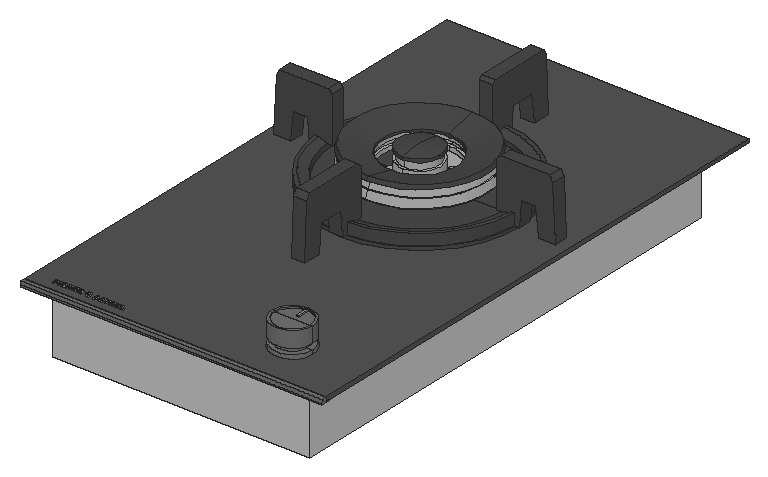
Revit family "FP_Revit_18_CG301DNGGB4_and_CG301DLPGB4_Cooktop_90000829A", category Specialty Equipment, Revit 2018
Family settings
  Round Connector Dimension = Use Diameter
  Part Type = Normal
  OmniClass Number = 23.40.40.14.17.11
  OmniClass Title = Cookers, Ovens, Stoves
  Work Plane-Based = No
  Always vertical = Yes
  Cut with Voids When Loaded = Yes
  Shared = No
  Room Calculation Point = No
Parameters (values of type "CG301DNGGB4")
  Visibility - Clearance Required = yes
  URL = "www.fisherpaykel.com"
  Product - Width = 300 mm  # constant formula
  Product - Height = 125 mm  # constant formula
  Product - Depth = 530 mm  # constant formula
  Model = "CG301DNGGB4"
  Material - Trim = Fisher & Paykel - Aluminium, Dark
  Material - Cooktop = Fisher & Paykel - Glass, Black
  Material - Burners & Trivets = Fisher & Paykel - Black, Matte
  Material - Body = Fisher & Paykel - Grey
  Manufacturer = "Fisher & Paykel Appliances"
  FFL Offset [instance] = 900 mm
  Description = "30cm Gas on Glass Cooktop"
  Connector Note - Gas = "NG 1 kPa (4\" WC), Connection is Rp 1/2\" (ISO7-1)"
  Connector Note - Electrical = "230 V, 10 A, fused electrical supply"
  Clearance - Side Combustible = 120 mm  # constant formula
  Clearance - Rear Non-Combustible = 45 mm  # constant formula
  Clearance - Rear Combustible = 160 mm  # constant formula
  Clearance - Overhead Rangehood = 650 mm  # constant formula
  Clearance - Overhead Non-Combustible = 500 mm  # constant formula
  Clearance - Overhead Combustible = 650 mm  # constant formula
  Clearance - Below Non-Combustible = 65 mm  # constant formula
  Clearance - Below Combustible = 70 mm  # constant formula
  Chassis - Width = 256 mm  # constant formula
  Chassis - Height = 59 mm  # constant formula
  Chassis - Depth = 486 mm  # constant formula
  Cavity - Width = 260 mm  # constant formula
  Cavity - Height = 59 mm  # constant formula
  Cavity - Depth = 490 mm  # constant formula
Types (3, lengths in mm): name | Model | FFL Offset | Connector Note - Gas
  (no name) | "CG301DNGGB4" | 900 | "NG 1 kPa (4\" WC), Connection is Rp 1/2\" (ISO7-1)"
  CG301DNGGB4 | "CG301DNGGB4" | 900 | "NG 1 kPa (4\" WC), Connection is Rp 1/2\" (ISO7-1)"
  CG301DLPGB4 | "CG301DLPGB4" | 1000 | "LPG 2.75 kPa (11\" WC), Connection is Rp 1/2\" (ISO7-1)"
Reference planes
  plane 1 "Datum": y = 0
  plane 2: z = 0
  plane 3 "Center (Left/Right)": x = 0
  plane 4 "Product LHS": x = -150
  plane 5 "Product RHS": x = 150
  plane 6 "Product - Depth": y = 530
  plane 7 "Cavity LHS": x = -130
  plane 8 "Cavity RHS": x = 130
  plane 9 "Cavity - Depth": y = 501.465
  plane 10 "Basepan": z = 841
  plane 11 "Glass": z = 905
  plane 12 "Benchtop": z = 900
Forms (mm)
  Extrusion 1, solid, material "Fisher & Paykel - Glass, Black" <- "Material - Cooktop"
    sketch origin (0, 0, 0) x (0, 1, 0) y (0, 0, 1)
      loop
        line (5.299, 905) -> (5.299, 901) -> (530, 901) -> (530, 905) -> (5.299, 905)
    from -150 to 150
  Extrusion 2, solid, material "Fisher & Paykel - Aluminium, Dark" <- "Material - Trim", detail levels fine
    sketch origin (0, 0, 900) x (0, 1, 0) y (0, 0, 1)
      loop
        line (5.299, 5) -> (0.45, 5) -> (0, 1.5) -> (0, 0) -> (8.39, 0) -> (8.39, 1) -> (5.299, 1) -> (5.299, 5)
    from -150 to 150
  Extrusion 3, solid, material "Fisher & Paykel - Grey" <- "Material - Body"
    sketch origin (0, 0, 0) x (1, 0, 0) y (0, 1, 0)
      loop
        line (141, 521) -> (-25.305, 521) -> (-25.305, 497.465) -> (-126.681, 410.993) -> (-141, 410.993) -> (-141, 11.465) -> (141, 11.465) -> (141, 521)
    from 900 to 901
  Extrusion 4, solid, material "Fisher & Paykel - Grey" <- "Material - Body"
    sketch origin (0, 0, 0) x (1, 0, 0) y (0, 1, 0)
      loop
        line (129.15, 497.465) -> (-25.305, 497.465) -> (-126.85, 410.849) -> (-126.85, 11.465) -> (129.15, 11.465) -> (129.15, 497.465)
    from 841 to 900
  Extrusion 5, solid, material "Fisher & Paykel - Clearance Required (Cutout)", visible <- "Visibility - Clearance Required", detail levels coarse
    sketch origin (0, 0, 0) x (1, 0, 0) y (0, 1, 0)
      loop
        line (-130, 11.465) -> (130, 11.465) -> (130, 501.465) -> (-130, 501.465) -> (-130, 11.465)
    from 841 to 900
  Extrusion 6, void
    sketch origin (0, 0, 0) x (0, 1, 0) y (0, 0, 1)
      loop
        line (497.465, 872.849) -> (404.424, 857.373) -> (407.148, 841) -> (497.465, 841) -> (497.465, 872.849)
    from 65 to 126.85
  Extrusion 7, solid, material "Fisher & Paykel - Grey" <- "Material - Body", detail levels fine
    sketch origin (0, 0, 1000) x (0, 1, 0) y (0, 0, 1)
      loop
        line (480, -130.056) -> (425.258, -139.162) -> (428.13, -156.432) -> (463.493, -156.432) -> (483.825, -153.05) -> (480, -130.056)
    from 75 to 115
  Extrusion 8, solid, material "Fisher & Paykel - Grey" <- "Material - Body", detail levels fine
    sketch origin (95, 0, 1000) x (1, 0, 0) y (0, 0, 1)
      loop
        circle (0, -141.49) r 4
    from -509.984 to -480
  Extrusion 9, solid, material "Fisher & Paykel - Aluminium, Dark" <- "Material - Trim", detail levels coarse+medium
    sketch origin (0, 0, 900) x (0, 1, 0) y (0, 0, 1)
      loop
        line (5.299, 5) -> (0, 5) -> (0, 0) -> (5.299, 0) -> (5.299, 5)
    from -150 to 150
  Extrusion 10, solid, material "Fisher & Paykel - Clearance Required (Combustible)", visible <- "Visibility - Clearance Required", detail levels coarse
    sketch origin (0, 0, 0) x (1, 0, 0) y (0, 1, 0)
      loop
        line (150, 0) -> (250, 0) -> (250, 661.465) -> (-250, 661.465) -> (-250, 0) -> (-150, 0) -> (-150, 546.465) -> (150, 546.465) -> (150, 0)
    from 905 to 1355
  Extrusion 11, solid, material "Fisher & Paykel - Clearance Required (Non-Combustible)", visible <- "Visibility - Clearance Required", detail levels coarse
    sketch origin (0, 0, 0) x (1, 0, 0) y (0, 1, 0)
      loop
        line (-150, 0) -> (150, 0) -> (150, 546.465) -> (-150, 546.465) -> (-150, 0)
    from 905 to 1405
  Extrusion 12, solid, material "Fisher & Paykel - Clearance Required (Rangehood)", visible <- "Visibility - Clearance Required", detail levels coarse
    sketch origin (0, 0, 0) x (1, 0, 0) y (0, 1, 0)
      loop
        line (-150, 546.465) -> (-150, 0) -> (150, 0) -> (150, 546.465) -> (-150, 546.465)
    from 1405 to 1555
  Extrusion 13, solid, material "Fisher & Paykel - Clearance Required (Combustible)", visible <- "Visibility - Clearance Required", detail levels coarse
    sketch origin (0, 0, 0) x (1, 0, 0) y (0, 1, 0)
      loop
        line (-130, 11.465) -> (130, 11.465) -> (130, 501.465) -> (-130, 501.465) -> (-130, 11.465)
    from 830 to 841
  Revolve 14, solid, material "Fisher & Paykel - Grey" <- "Material - Body"
    sketch origin (-105.39, 0, 1000) x (0, 1, 0) y (0, 0, -1)
      loop
        line (396.487, 123.673) -> (442.637, 123.673) -> (442.637, 122.673) -> (464.817, 122.673) -> (464.817, 125.4) -> (449.637, 125.4) -> (449.637, 131.4) -> (396.487, 131.4) -> (396.487, 123.673)
      axis (464.817, 131.4) -> (396.487, 131.4)
    angle from 0 to 360
  Extrusion 15, solid, material "Fisher & Paykel - Grey" <- "Material - Body", detail levels fine
    sketch origin (0, 0, 1000) x (-1, 0, 0) y (0, 0, -1)
      loop
        line (99.05, 120.401) -> (111.75, 120.401) -> (118.1, 131.4) -> (111.75, 142.399) -> (99.05, 142.399) -> (92.7, 131.4) -> (99.05, 120.401)
      loop
        circle (105.39, 131.4) r 7.727
    from -449.637 to -442.637
  Extrusion 16, void
    sketch origin (0, 0, 0) x (1, 0, 0) y (0, 1, 0)
      loop
        line (-130, 11.465) -> (130, 11.465) -> (130, 501.465) -> (-130, 501.465) -> (-130, 11.465)
    from 830 to 900
  Extrusion 17, solid, material "Fisher & Paykel - Aluminium, Dark" <- "Material - Trim", not visible, detail levels fine
    sketch origin (0, 0, 1000) x (0, 1, 0) y (0, 0, 1)
      loop
        line (5.299, 5) -> (0.45, 5) -> (0, 1.5) -> (0, 0) -> (8.39, 0) -> (8.39, 1) -> (5.299, 1) -> (5.299, 5)
    from -150 to 150
  Extrusion 18, solid, material "Fisher & Paykel - Aluminium, Dark" <- "Material - Trim", not visible, detail levels coarse+medium
    sketch origin (0, 0, 1000) x (0, 1, 0) y (0, 0, 1)
      loop
        line (5.299, 5) -> (0, 5) -> (0, 0) -> (5.299, 0) -> (5.299, 5)
    from -150 to 150
Cuts and joins
  joined: Extrusion 7, Extrusion 8
  Extrusion 6 cuts Extrusion 4
Text (mm)
  text "Due to ongoing product development, product details are subject to change without notice. \nPlease always refer to www.fisherpaykel.com for the most current product information. \n© Fisher & Paykel 2020" at (41.04, -260.397, 0), in view "Ref. Level (Plan)"
Dimensions and locks
  equal spacing: plane 4 "Product LHS", plane 3 "Center (Left/Right)", plane 5 "Product RHS"
  "Product - Width": plane 4 "Product LHS" to plane 5 "Product RHS"
  equal spacing: plane 7 "Cavity LHS", plane 3 "Center (Left/Right)", plane 8 "Cavity RHS"
  "Cavity - Width": plane 7 "Cavity LHS" to plane 8 "Cavity RHS"
  locked: plane 1 "Datum" to Extrusion 3 at 11.465
  "Chassis - Depth": Extrusion 3 to Extrusion 4
  "Cavity - Depth": Extrusion 3 to plane 9 "Cavity - Depth"
  "Chassis - Width": cut or joined group of Extrusion 4, Extrusion 6 to cut or joined group of Extrusion 4, Extrusion 6
  "Clearance - Rear Combustible": Extrusion 10 to Extrusion 5
  "Clearance - Side Combustible": Extrusion 10 to plane 7 "Cavity LHS"
  "Clearance - Side Combustible": plane 8 "Cavity RHS" to Extrusion 10
  "Chassis - Height": plane 12 "Benchtop" to plane 10 "Basepan"
  plane 11 "Glass" to plane 12 "Benchtop" = 5 mm
  "FFL Offset": plane 12 "Benchtop" to level
  "Cavity - Height": plane 12 "Benchtop" to Extrusion 5
  "Clearance - Below Combustible": plane 12 "Benchtop" to Extrusion 13
  plane 11 "Glass" to Extrusion 1 sketch curve = 4 mm
  locked: plane 11 "Glass" to Extrusion 1 at 4
  locked: nested 2 to plane 11 "Glass" at 0.8
  "Clearance - Overhead Non-Combustible": Extrusion 12 to plane 11 "Glass"
  "Clearance - Overhead Rangehood": Extrusion 12 to plane 11 "Glass"
  plane 12 "Benchtop" to Extrusion 13 = 59 mm
  locked: Extrusion 6 sketch curve to plane 10 "Basepan" at 31.849
  locked: Extrusion 6 sketch curve to plane 10 "Basepan" at 16.373
  locked: nested 4 to plane 11 "Glass" at 61.328
  "Clearance - Rear Non-Combustible": plane 9 "Cavity - Depth" to Extrusion 12
  locked: Extrusion 10 to plane 11 "Glass" at 450
  aligned and locked: level to plane 2
  aligned and locked: Extrusion 2 to plane 5 "Product RHS"
  aligned and locked: Extrusion 12 to Extrusion 11
  aligned and locked: Extrusion 10 to plane 11 "Glass"
  aligned and locked: plane 12 "Benchtop" to Extrusion 5
  aligned and locked: Extrusion 13 to Extrusion 5
  aligned and locked: Extrusion 4 to Extrusion 6
  aligned and locked: Extrusion 6 to plane 10 "Basepan"
  aligned and locked: Extrusion 6 to Extrusion 4
  aligned and locked: Extrusion 16 to Extrusion 13
  aligned and locked: Extrusion 16 to Extrusion 5
  aligned and locked: Extrusion 1 sketch curve to plane 11 "Glass"
  aligned and locked: Extrusion 1 to Extrusion 3
  aligned and locked: Extrusion 3 to Extrusion 5
  aligned and locked: Extrusion 2 to Extrusion 1
  aligned and locked: Extrusion 2 to Extrusion 3
  aligned and locked: Extrusion 1 to Extrusion 2
  aligned and locked: Extrusion 1 to Extrusion 9
  aligned and locked: Extrusion 9 to Extrusion 2
  aligned and locked: Extrusion 6 to cut or joined group of Extrusion 7, Extrusion 8
  aligned and locked: Extrusion 4 to Extrusion 3
  aligned and locked: Extrusion 11 to Extrusion 1
  aligned and locked: Extrusion 10 to Extrusion 11
Automatic sketch dimensions
  Extrusion 2 sketch curve to Extrusion 2 sketch curve = 4.85 mm
  Extrusion 2 sketch curve to Extrusion 2 sketch curve = 3.09 mm
  Extrusion 2 sketch curve to Extrusion 2 sketch curve = 3.5 mm
  Extrusion 3 sketch curve to plane 4 "Product LHS" = 9 mm
  Extrusion 3 sketch curve to plane 7 "Cavity LHS" = 3.319 mm
  plane 9 "Cavity - Depth" to Extrusion 3 sketch curve = 4 mm
  Extrusion 3 sketch curve to plane 3 "Center (Left/Right)" = 25.305 mm
  plane 5 "Product RHS" to Extrusion 3 sketch curve = 9 mm
  plane 9 "Cavity - Depth" to Extrusion 3 sketch curve = 90.472 mm
  Extrusion 3 sketch curve to plane 1 "Datum" = 11.465 mm
  Extrusion 3 sketch curve to plane 6 "Product - Depth" = 9 mm
  Extrusion 4 sketch curve to plane 7 "Cavity LHS" = 3.15 mm
  plane 9 "Cavity - Depth" to Extrusion 4 sketch curve = 4 mm
  Extrusion 4 sketch curve to plane 3 "Center (Left/Right)" = 25.305 mm
  plane 8 "Cavity RHS" to Extrusion 4 sketch curve = 0.85 mm
  plane 9 "Cavity - Depth" to Extrusion 4 sketch curve = 90.616 mm
  Extrusion 4 sketch curve to plane 1 "Datum" = 11.465 mm
  plane 9 "Cavity - Depth" to Extrusion 5 sketch curve = 0 mm
  plane 7 "Cavity LHS" to Extrusion 5 sketch curve = 0 mm
  Extrusion 5 sketch curve to plane 8 "Cavity RHS" = 0 mm
  Extrusion 5 sketch curve to plane 1 "Datum" = 11.465 mm
  Extrusion 6 sketch curve to Extrusion 6 sketch curve = 2.723 mm
  plane 9 "Cavity - Depth" to Extrusion 6 sketch curve = 4 mm
  Extrusion 6 sketch curve to Extrusion 6 sketch curve = 16.373 mm
  Extrusion 7 sketch curve to Extrusion 7 sketch curve = 2.873 mm
  Extrusion 7 sketch curve to Extrusion 7 sketch curve = 35.363 mm
  plane 1 "Datum" to Extrusion 10 sketch curve = 0 mm  (x2)
  Extrusion 10 sketch curve to plane 4 "Product LHS" = 0 mm
  Extrusion 10 sketch curve to plane 5 "Product RHS" = 0 mm
  plane 4 "Product LHS" to Extrusion 10 sketch curve = 100 mm
  Extrusion 10 sketch curve to plane 5 "Product RHS" = 100 mm
  plane 6 "Product - Depth" to Extrusion 10 sketch curve = 16.465 mm
  plane 6 "Product - Depth" to Extrusion 10 sketch curve = 131.465 mm
  Extrusion 11 sketch curve to plane 4 "Product LHS" = 0 mm
  Extrusion 11 sketch curve to plane 5 "Product RHS" = 0 mm
  plane 1 "Datum" to Extrusion 11 sketch curve = 0 mm
  plane 6 "Product - Depth" to Extrusion 11 sketch curve = 16.465 mm
  plane 1 "Datum" to Extrusion 12 sketch curve = 0 mm
  Extrusion 12 sketch curve to plane 4 "Product LHS" = 0 mm
  Extrusion 12 sketch curve to plane 5 "Product RHS" = 0 mm
  plane 6 "Product - Depth" to Extrusion 12 sketch curve = 16.465 mm
  plane 9 "Cavity - Depth" to Extrusion 13 sketch curve = 0 mm
  plane 7 "Cavity LHS" to Extrusion 13 sketch curve = 0 mm
  Extrusion 13 sketch curve to plane 8 "Cavity RHS" = 0 mm
  Extrusion 13 sketch curve to plane 1 "Datum" = 11.465 mm
  Revolve 14 sketch curve to Revolve 14 sketch curve = 46.15 mm
  Revolve 14 sketch curve to Revolve 14 sketch curve = 7 mm
  Revolve 14 sketch curve to Revolve 14 sketch curve = 15.18 mm
  Revolve 14 sketch curve to Revolve 14 sketch curve = 1.727 mm
  Revolve 14 sketch curve to Revolve 14 sketch curve = 6 mm
  Revolve 14 sketch curve to Revolve 14 sketch curve = 45 mm
  Revolve 14 sketch curve to Revolve 14 sketch curve = 0 mm  (x2)
  Extrusion 15 sketch curve to Extrusion 15 sketch curve = 6.35 mm  (x3)
  Extrusion 15 sketch curve to Extrusion 15 sketch curve = 12.69 mm
  Extrusion 15 sketch curve to Extrusion 15 sketch curve = 12.7 mm  (x2)
  Extrusion 15 sketch curve to Extrusion 15 sketch curve = 10.999 mm  (x3)
  Extrusion 15 sketch curve to Extrusion 15 sketch curve = 0 mm
  plane 9 "Cavity - Depth" to Extrusion 16 sketch curve = 0 mm
  plane 7 "Cavity LHS" to Extrusion 16 sketch curve = 0 mm
  Extrusion 16 sketch curve to plane 8 "Cavity RHS" = 0 mm
  Extrusion 16 sketch curve to plane 1 "Datum" = 11.465 mm
  Extrusion 7 sketch curve to Extrusion 7 sketch curve = 16.507 mm
  Extrusion 7 sketch curve to Extrusion 7 sketch curve = 20.331 mm
  Revolve 14 sketch curve to Revolve 14 sketch curve = 1 mm
  plane 10 "Basepan" to Extrusion 7 sketch curve = 19.838 mm
  plane 9 "Cavity - Depth" to Extrusion 7 sketch curve = 76.208 mm
  plane 8 "Cavity RHS" to Extrusion 8 sketch curve = 35 mm
  plane 10 "Basepan" to Extrusion 8 sketch curve = 17.51 mm
  Revolve 14 sketch curve to plane 12 "Benchtop" = 23.673 mm
  plane 9 "Cavity - Depth" to Revolve 14 sketch curve = 104.979 mm
  plane 7 "Cavity LHS" to Extrusion 15 sketch curve = 37.3 mm
  Extrusion 15 sketch curve to plane 10 "Basepan" = 16.601 mm
  Extrusion 1 sketch curve to plane 6 "Product - Depth" = 0 mm
  Extrusion 1 sketch curve to plane 1 "Datum" = 5.299 mm
  Extrusion 2 sketch curve to Extrusion 2 sketch curve = 0.45 mm
  Extrusion 2 sketch curve to Extrusion 2 sketch curve = 1 mm
  Extrusion 2 sketch curve to Extrusion 2 sketch curve = 1.5 mm
  Extrusion 9 sketch curve to Extrusion 9 sketch curve = 5.299 mm
  Extrusion 9 sketch curve to Extrusion 9 sketch curve = 5 mm
  Extrusion 17 sketch curve to Extrusion 17 sketch curve = 4.85 mm
  Extrusion 17 sketch curve to Extrusion 17 sketch curve = 3.09 mm
  Extrusion 17 sketch curve to Extrusion 17 sketch curve = 3.5 mm
  Extrusion 17 sketch curve to Extrusion 17 sketch curve = 0.45 mm
  Extrusion 17 sketch curve to Extrusion 17 sketch curve = 1 mm
  Extrusion 17 sketch curve to Extrusion 17 sketch curve = 1.5 mm
  Extrusion 18 sketch curve to Extrusion 18 sketch curve = 5.299 mm
  Extrusion 18 sketch curve to Extrusion 18 sketch curve = 5 mm
  radius of Extrusion 8 sketch curve = 4 mm
  radius of Extrusion 15 sketch curve = 7.727 mm
Nested families
  nested 1: "F&P Dial CG" at (79.192, 51.956, 905), type "F&P Dial CG"
  nested 2: "F&P Logo 70mm Horizontal" at (-94.501, 14.253, 905), type "F&P Logo 70mm Horizontal"
  nested 3: "F&P Burner Dual Wok" at (0, 309.387, 900), type "F&P Burner Dual Wok"
  nested 4: "F&P Trivet CG603-752-903-905" at (0, 309.387, 900.5) x (0, -1, 0) z (0, 0, 1), type "F&P Trivet CG603-752-903-905"
  nested 5: "F&P Dial CG" at (79.192, 51.956, 1005), type "F&P Dial CG", not visible
  nested 6: "F&P Logo 70mm Horizontal" at (-94.501, 14.253, 1005), type "F&P Logo 70mm Horizontal", not visible
  nested 7: "F&P Burner Dual Wok" at (0, 309.387, 1000), type "F&P Burner Dual Wok", not visible
  nested 8: "F&P Trivet CG603-752-903-905" at (0, 309.387, 1000.5) x (0, -1, 0) z (0, 0, 1), type "F&P Trivet CG603-752-903-905", not visible
Connectors
  electrical at (95, 509.984, 858.51), driven by "Connector Note - Electrical"
    settings: on cut or joined group of Extrusion 7, Extrusion 8, index 1, voltage 230 V, apparent load 0 VA, apparent load phase1 0 VA, apparent load phase2 0 VA, apparent load phase3 0 VA, power factor 1, load classification "Other", number of poles 1, system type 30, power factor state 1, is connector primary yes, connector utility no, sub classification motor no, connector description "230 V, 10 A, fused electrical supply"
  piping at (-105.39, 464.817, 868.6), diameter 19, driven by "Connector Note - Gas"
    settings: on Revolve 14, index 2, connector inside diameter 609.6 mm, connector length 0 mm, flow factor 0, pipe flow 0.0 L/s, pressure drop 0.0 Pa, fitting loss kfactor 0, connector angle 0.00°, fixture units 0, engagement length 0 mm, angle of deflection 0.00°, flow configuration 0, flow direction 1, fitting loss method 0, system type 22, joint type 0, gender type 0, connector reference index -1, connector utility 0, adjustable connector no, is connector primary yes, connector description "NG 1 kPa (4\" WC), Connection is Rp 1/2\" (ISO7-1)"
Definition of nested family "F&P Dial CG"
  Parameters (values of type "F&P Dial CG")
    URL = "www.fisherpaykel.com"
    Material - Trim = none
    Material - Buttons and Dials = none
    Material - Body = none
    Manufacturer = "Fisher & Paykel Appliances"
  Reference planes
    plane 1 "Center (Front/Back)": y = 0
    plane 2: z = 0
    plane 3 "Center (Left/Right)": x = 0
  Forms (mm)
    Revolve 1, solid, material <- "Material - Body", detail levels fine
      sketch origin (0, 0, 0) x (1, 0, 0) y (0, 0, 1)
        loop
          line (0, 0) -> (0, 24.05) -> (-17.75, 24.05) -> (-17.75, 24.95) -> (-20, 24.95) -> (-20, 9.5) -> (-14.513, 9.5) -> (-14.513, 3.5) -> (-20.008, 3.5) -> (-20.5, 0) -> (0, 0)
        axis (0, 24.95) -> (0, 0)
      angle from 0 to 360
    Extrusion 2, void
      sketch origin (0, 0, 0) x (1, 0, 0) y (0, 1, 0)
        loop
          line (-1.05, 17.22) -> (1.05, 17.22) -> (1.05, 20.22) -> (-1.05, 20.22) -> (-1.05, 17.22)
      from 24.05 to 24.95
    Extrusion 3, solid, material <- "Material - Trim", detail levels fine
      sketch origin (0, 0, 0) x (1, 0, 0) y (0, 1, 0)
        loop
          line (-1.05, 6.22) -> (1.05, 6.22) -> (1.05, 20.02) -> (-1.05, 20.02) -> (-1.05, 6.22)
      from 24.05 to 24.95
    Extrusion 4, solid, material <- "Material - Body", detail levels coarse+medium
      sketch origin (0, 0, 0) x (1, 0, 0) y (0, 1, 0)
        loop
          circle (0, 0) r 20.5
      from 9.5 to 24.95
    Extrusion 5, solid, material <- "Material - Body", detail levels coarse+medium
      sketch origin (0, 0, 0) x (1, 0, 0) y (0, 1, 0)
        loop
          circle (0, 0) r 14.513
      from 0 to 9.5
  Cuts and joins
    Extrusion 2 cuts Revolve 1
  Dimensions and locks
    aligned and locked: level to plane 2
Definition of nested family "F&P Logo 70mm Horizontal"
  Parameters (values of type "F&P Logo 70mm Horizontal")
    URL = "www.fisherpaykel.com"
    Material - Logo = none
    Manufacturer = "Fisher & Paykel Appliances"
  Reference planes
    plane 1 "Center (Front/Back)": y = 0
    plane 2: z = 0
    plane 3 "Center (Left/Right)": x = 0
  Forms (mm)
    Extrusion 1, solid, material <- "Material - Logo", detail levels fine
      sketch origin (0, 0, 0) x (1, 0, 0) y (0, 1, 0)
        loop
          line (-34.997, 0) -> (-33.895, 0) -> (-33.895, 1.496) -> (-32.174, 1.496) -> (-32.174, 2.431) -> (-33.895, 2.431) -> (-33.895, 3.298) -> (-32.023, 3.298) -> (-32.023, 4.228) -> (-34.997, 4.228) -> (-34.997, 0)
        loop
          line (-29.929, 4.228) -> (-29.929, 0) -> (-28.828, 0) -> (-28.828, 4.228) -> (-29.929, 4.228)
        loop
          line (-21.473, 4.228) -> (-21.473, 0) -> (-20.372, 0) -> (-20.372, 1.694) -> (-18.754, 1.694) -> (-18.754, 0) -> (-17.652, 0) -> (-17.652, 4.228) -> (-18.754, 4.228) -> (-18.754, 2.624) -> (-20.372, 2.624) -> (-20.372, 4.228) -> (-21.473, 4.228)
        loop
          line (-15.301, 4.228) -> (-15.301, 0) -> (-12.288, 0) -> (-12.288, 0.8) -> (-14.209, 0.8) -> (-14.209, 1.694) -> (-12.453, 1.694) -> (-12.453, 2.624) -> (-14.209, 2.624) -> (-14.209, 3.428) -> (-12.288, 3.428) -> (-12.288, 4.228) -> (-15.301, 4.228)
        loop
          line (32, 4.228) -> (32, 0) -> (35.003, 0) -> (35.003, 0.93) -> (33.102, 0.93) -> (33.102, 4.228) -> (32, 4.228)
        loop
          line (29.735, 4.228) -> (26.712, 4.228) -> (26.712, 0) -> (29.735, 0) -> (29.735, 0.8) -> (27.814, 0.8) -> (27.814, 1.694) -> (29.57, 1.694) -> (29.57, 2.624) -> (27.814, 2.624) -> (27.814, 3.428) -> (29.735, 3.428) -> (29.735, 4.228)
        loop
          line (23.449, 2.203) -> (25.012, 4.228) -> (23.724, 4.228) -> (22.374, 2.479) -> (22.374, 4.228) -> (21.273, 4.228) -> (21.273, 0) -> (22.374, 0) -> (22.374, 1.894) -> (23.765, 0) -> (25.067, 0) -> (23.449, 2.203)
        loop
          line (15.42, 4.228) -> (17.017, 1.694) -> (17.017, 0) -> (18.119, 0) -> (18.119, 1.639) -> (19.717, 4.228) -> (18.546, 4.228) -> (17.603, 2.595) -> (16.66, 4.228) -> (15.42, 4.228)
        loop
          line (12.969, 4.228) -> (11.922, 4.228) -> (10.2, 0) -> (11.282, 0) -> (11.585, 0.778) -> (13.278, 0.778) -> (13.581, 0) -> (14.69, 0) -> (12.969, 4.228)
        loop
          line (12.913, 1.708) -> (12.419, 2.922) -> (11.946, 1.708) -> (12.913, 1.708)
        loop
          line (5.656, 4.228) -> (5.656, 0) -> (6.757, 0) -> (6.757, 1.357) -> (7.557, 1.357)
          arc (7.557, 1.357) -> (8.993, 2.792) -> (7.557, 4.228) r 1.436
          line (7.557, 4.228) -> (5.656, 4.228)
        loop
          line (6.757, 2.238) -> (7.557, 2.238)
          arc (7.557, 2.238) -> (8.088, 2.768) -> (7.557, 3.298) r 0.53
          line (7.557, 3.298) -> (6.757, 3.298) -> (6.757, 2.238)
        loop
          line (-8.214, 4.228) -> (-10.023, 4.228) -> (-10.023, 0) -> (-9.058, 0) -> (-9.058, 0.8) -> (-8.258, 0.8) -> (-7.647, 0) -> (-6.373, 0) -> (-7.452, 1.381)
          arc (-7.452, 1.381) -> (-6.741, 3.097) -> (-8.214, 4.228) r 1.525
        loop
          line (-8.921, 3.298) -> (-8.921, 2.137) -> (-8.121, 2.137)
          arc (-8.121, 2.137) -> (-7.54, 2.718) -> (-8.121, 3.298) r 0.581
          line (-8.121, 3.298) -> (-8.921, 3.298)
        loop
          line (0.368, 3.298) -> (0.368, 4.307) -> (-2.553, 4.307) -> (-2.553, 3.499) -> (-2.048, 2.878)
          arc (-2.048, 2.878) -> (-2.424, 0.478) -> (0.002, 0.358) r 1.633
          line (0.002, 0.358) -> (0.495, -0.272) -> (1.765, -0.272) -> (0.636, 1.116) -> (1.613, 2.524) -> (0.481, 2.524) -> (0.025, 1.867) -> (-1.14, 3.298) -> (0.368, 3.298)
        loop
          arc (-1.454, 2.148) -> (-1.555, 1.167) -> (-0.574, 1.067) r 0.697
          line (-0.574, 1.067) -> (-1.454, 2.148)
        loop
          line (-24.593, 2.544) -> (-25.527, 2.737)
          arc (-25.527, 2.737) -> (-25.9, 3.11) -> (-25.527, 3.483) r 0.373
          arc (-25.527, 3.483) -> (-24.631, 3.353) -> (-23.808, 2.973) r 3.153
          line (-23.808, 2.973) -> (-23.808, 4.02)
          arc (-23.808, 4.02) -> (-24.851, 4.326) -> (-25.937, 4.276) r 3.308
          arc (-25.937, 4.276) -> (-26.941, 3.034) -> (-25.937, 1.792) r 1.27
          line (-25.937, 1.792) -> (-24.994, 1.597)
          arc (-24.994, 1.597) -> (-24.621, 1.224) -> (-24.994, 0.851) r 0.373
          arc (-24.994, 0.851) -> (-25.891, 0.981) -> (-26.714, 1.361) r 3.153
          line (-26.714, 1.361) -> (-26.714, 0.314)
          arc (-26.714, 0.314) -> (-25.671, 0.009) -> (-24.585, 0.058) r 3.308
          arc (-24.585, 0.058) -> (-23.58, 1.304) -> (-24.593, 2.544) r 1.27
      from 0 to 0.8
  Dimensions and locks
    Extrusion 1 sketch curve to Extrusion 1 sketch curve = 70 mm
    aligned and locked: level to plane 2
Definition of nested family "F&P Burner Dual Wok"
  Parameters (values of type "F&P Burner Dual Wok")
    URL = "www.fisherpaykel.com"
    Material - Burners & Trivets = none
    Material - Body = none
    Manufacturer = "Fisher & Paykel Appliances"
  Reference planes
    plane 1 "Center (Front/Back)": y = 0
    plane 2: z = 0
    plane 3 "Center (Left/Right)": x = 0
  Forms (mm)
    Revolve 1, solid, material <- "Material - Body", detail levels fine
      sketch origin (0, 0, 0) x (0, 1, 0) y (0, 0, 1)
        loop
          line (0, 39.67) -> (0, 19.121) -> (37.394, 19.121) -> (37.394, 23.2) -> (66.033, 23.2) -> (67.033, 24.2) -> (65.112, 32.2) -> (63.561, 32.2) -> (61.561, 40.01) -> (36.35, 34.652) -> (36.35, 31.668) -> (39.31, 31.668) -> (39.31, 26.7) -> (36.35, 26.7) -> (36.35, 22.2) -> (21.2, 22.2) -> (21.2, 31.668) -> (18.48, 31.668) -> (18.48, 39.67) -> (0, 39.67)
        axis (0, 40.01) -> (0, 19.121)
      angle from 0 to 360
    Revolve 2, solid, material <- "Material - Burners & Trivets", detail levels fine
      sketch origin (0, 0, 0) x (0, 1, 0) y (0, 0, 1)
        loop
          line (64.958, 44.616) -> (36.353, 36.951) -> (36.353, 34.652) -> (61.561, 40.01) -> (63.997, 40.01) -> (66.045, 40.559) -> (64.958, 44.616)
        loop
          line (0, 45.115) -> (0, 39.67) -> (21.2, 39.67) -> (21.2, 42.433)
          arc (21.2, 42.433) -> (10.684, 44.442) -> (0, 45.115) r 85.151
        axis (0, 45.115) -> (0, 34.652)
      angle from 0 to 360
    Extrusion 3, void
      sketch origin (0, 0, 0) x (1, 0, 0) y (0, 1, 0)
        loop
          arc (-31.085, 20.785) -> (-37.341, -1.988) -> (-28.703, -23.968) r 37.394
          line (-28.703, -23.968) -> (-19.571, -8.151)
          arc (-19.571, -8.151) -> (-20.975, 3.077) -> (-16.404, 13.429) r 21.2
          line (-16.404, 13.429) -> (-16.404, 15.447)
          arc (-16.404, 15.447) -> (-17.093, 17.364) -> (-18.844, 18.406) r 3.015
          line (-18.844, 18.406) -> (-31.085, 20.785)
        loop
          arc (-20.415, -31.33) -> (0, -37.394) -> (20.415, -31.33) r 37.394
          line (20.415, -31.33) -> (12.297, -17.269)
          arc (12.297, -17.269) -> (0, -21.2) -> (-12.297, -17.269) r 21.2
          line (-12.297, -17.269) -> (-20.415, -31.33)
        loop
          line (31.085, 20.785) -> (18.844, 18.406)
          arc (18.844, 18.406) -> (17.093, 17.364) -> (16.404, 15.447) r 3.015
          line (16.404, 15.447) -> (16.404, 13.429)
          arc (16.404, 13.429) -> (20.975, 3.077) -> (19.571, -8.151) r 21.2
          line (19.571, -8.151) -> (28.703, -23.968)
          arc (28.703, -23.968) -> (37.341, -1.988) -> (31.085, 20.785) r 37.394
      from 19.121 to 23.2
    Revolve 4, solid, material <- "Material - Burners & Trivets", detail levels coarse+medium
      sketch origin (0, 0, 0) x (0, 1, 0) y (0, 0, 1)
        loop
          line (-67.134, 45.199) -> (-67.134, 23.2) -> (-36.35, 23.2) -> (-36.35, 36.951) -> (-67.134, 45.199)
        loop
          line (-21.2, 42.433) -> (-21.2, 23.2) -> (0, 23.2) -> (0, 42.433) -> (-21.2, 42.433)
        axis (0, 45.199) -> (0, 23.2)
      angle from 0 to 360
  Cuts and joins
    Extrusion 3 cuts Revolve 2
    Extrusion 3 cuts Revolve 1
  Dimensions and locks
    aligned and locked: level to plane 2
Definition of nested family "F&P Trivet CG603-752-903-905"
  Parameters (values of type "F&P Trivet CG603-752-903-905")
    URL = "www.fisherpaykel.com"
    Material - Burners & Trivets = none
    Manufacturer = "Fisher & Paykel Appliances"
  Reference planes
    plane 1 "Center (Front/Back)": y = 0
    plane 2: z = 0
    plane 3 "Center (Left/Right)": x = 0
  Forms (mm)
    Revolve 1, solid, material <- "Material - Burners & Trivets", detail levels fine
      sketch origin (0, 0, 0) x (0, 1, 0) y (0, 0, 1)
        loop
          line (-85.317, 7.5) -> (-99, 7.5) -> (-99, 4.5) -> (0, 4.5) -> (0, 12.8) -> (-85.317, 12.8) -> (-85.317, 7.5)
        axis (0, 12.8) -> (0, 4.5)
      angle from 0 to 360
    Revolve 2, solid, material <- "Material - Burners & Trivets", detail levels fine
      sketch origin (0, 0, 0) x (0, 1, 0) y (0, 0, 1)
        loop
          line (-99.153, 8.7) -> (-86.697, 8.7) -> (-86.697, 16.577) -> (-95.884, 19.7) -> (-99.153, 19.7) -> (-99.153, 8.7)
        axis (0, 19.7) -> (0, 8.7)
      angle from 0 to 360
    Extrusion 3, solid, material <- "Material - Burners & Trivets", detail levels coarse+medium
      sketch origin (0, 0, 0) x (0, 1, 0) y (0, 0, 1)
        loop
          line (-140.001, 4.5) -> (-82.863, 4.5) -> (-82.863, 65.828) -> (-140.001, 65.828) -> (-140.001, 4.5)
        loop
          line (140.001, 4.5) -> (140.001, 65.828) -> (82.863, 65.828) -> (82.863, 4.5) -> (140.001, 4.5)
      from -6.5 to 6.5
    Extrusion 4, solid, material <- "Material - Burners & Trivets", detail levels fine
      sketch origin (0, 0, 0) x (1, 0, 0) y (0, 0, 1)
        loop
          line (-145.326, 65.828) -> (-148.638, 60.09) -> (-151, 6) -> (-134, 6) -> (-131.12, 33.4) -> (-106.88, 33.4) -> (-104.284, 8.7) -> (-86.958, 8.7) -> (-86.958, 16.577) -> (-81.958, 16.577) -> (-81.958, 62.253) -> (-85.533, 65.828) -> (-145.326, 65.828)
        loop
          line (145.326, 65.828) -> (85.533, 65.828) -> (81.958, 62.253) -> (81.958, 16.577) -> (86.958, 16.577) -> (86.958, 8.7) -> (104.284, 8.7) -> (106.88, 33.4) -> (131.12, 33.4) -> (134, 6) -> (151, 6) -> (148.638, 60.09) -> (145.326, 65.828)
      from -6.5 to 6.5
    Extrusion 5, solid, material <- "Material - Burners & Trivets", detail levels coarse+medium
      sketch origin (0, 0, 0) x (1, 0, 0) y (0, 0, 1)
        loop
          line (-151, 4.5) -> (-82.927, 4.5) -> (-82.927, 65.828) -> (-151, 65.828) -> (-151, 4.5)
        loop
          line (151, 4.5) -> (151, 65.828) -> (82.958, 65.828) -> (82.958, 4.5) -> (151, 4.5)
      from -6.5 to 6.5
    Revolve 6, solid, material <- "Material - Burners & Trivets", detail levels coarse+medium
      sketch origin (0, 0, 0) x (0, 1, 0) y (0, 0, 1)
        loop
          line (-82.083, 20.853) -> (-102.311, 20.853) -> (-102.311, 4.5) -> (-82.083, 4.5) -> (-82.083, 20.853)
        axis (0, 20.853) -> (0, 4.5)
      angle from 0 to 360
    Extrusion 7, solid, material <- "Material - Burners & Trivets", detail levels fine
      sketch origin (0, 0, 0) x (0, 1, 0) y (0, 0, 1)
        loop
          line (134.327, 65.828) -> (85.438, 65.828) -> (81.863, 62.253) -> (81.863, 16.577) -> (86.697, 16.577) -> (86.697, 8.7) -> (104.189, 8.7) -> (106.785, 33.4) -> (120.121, 33.4) -> (123.001, 6) -> (140.001, 6) -> (137.639, 60.09) -> (134.327, 65.828)
        loop
          line (-134.327, 65.828) -> (-137.639, 60.09) -> (-140.001, 6) -> (-123.001, 6) -> (-120.121, 33.4) -> (-106.785, 33.4) -> (-104.189, 8.7) -> (-86.697, 8.7) -> (-86.697, 16.577) -> (-81.863, 16.577) -> (-81.863, 62.253) -> (-85.438, 65.828) -> (-134.327, 65.828)
      from -6.5 to 6.5
  Cuts and joins
    joined: Revolve 2, Extrusion 4, Extrusion 7
    joined: Extrusion 3, Extrusion 5, Revolve 6
  Dimensions and locks
    aligned and locked: level to plane 2
